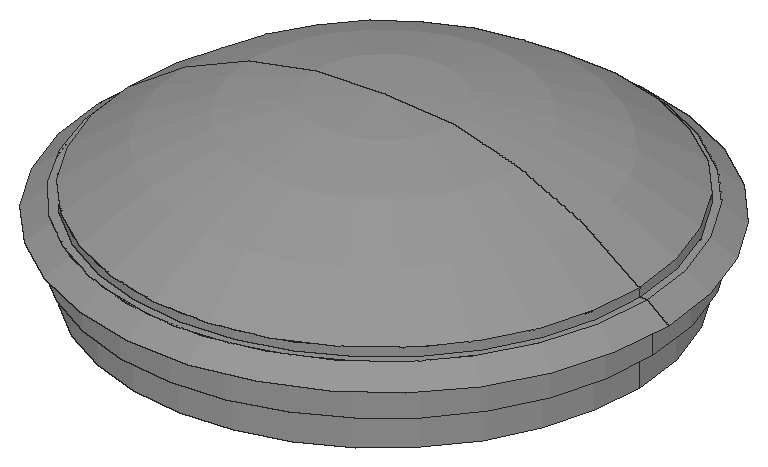
Revit family "3032825 Lighting Fixture_Sylvania_Giotto 335 LED_Recessed Mounted", category Lighting Fixtures, host Face, Revit 2017
Family settings
  Host = Face
  Round Connector Dimension = Use Diameter
  Part Type = Normal
  OmniClass Number = 23.80.70.11.17
  OmniClass Title = Specialized Lighting by Location or Use
  Cut with Voids When Loaded = No
  Light Source = Yes
  Shared = No
  Room Calculation Point = No
Parameters (values of type "Giotto335 rec nw E3")
  Width = 355.0 mm
  Glow Wire Test = 850 °C  # constant formula
  Energy Class = "A++A+A"  # constant formula
  Cutout Diameter = Width - 20.0 mm  # 335.0 mm
  Weight = 1.94 kg
  Wattage = 1.27044 W
  built-in parameter 1150110 = 1 (stored number, unit not read)
  Voltage Comments = "UNV (Universal Voltage; 220-240 Volt)"  # constant formula
  Voltage = 230 V  # constant formula
  URL = "http://www.sylvania-lighting.com"
  built-in parameter 1114217 = 1 (stored number, unit not read)
  Tilt Angle = -90°
  built-in parameter 1150109 = 1 (stored number, unit not read)
  built-in parameter 1150134 = 12
  built-in parameter 1150113 = 1 (stored number, unit not read)
  Product Page URL = "http://www.sylvania-lighting.com/product/en-int/products/3032825"
  Product Family = "GIOTTO LED 335 - RECESSED"  # constant formula
  Photometry Comments = ""
  Photometric Web File = "3032825_GiottoLED33525WRecessedNeutralWhiteE3integral-163998.ies"
  Life = "50 000 h"  # constant formula
  IP Rating = "IP44"  # constant formula
  IK Rating = "IK10"  # constant formula
  Emit from Circle Diameter = Cutout Diameter - 16.0 mm  # 319.0 mm
  Emit Shape Visible in Rendering = no
  Electrical Protection = "CLASS II"  # constant formula
  Drive Current = "700 mA"  # constant formula
  Diffuser Material = Polycarbonate_Sylvania_Giotto_Opal
  Height = 108.0 mm
  built-in parameter 1114216 [instance] = 1 (stored number, unit not read)
  Model = "Giotto335 rec nw E3"
  Manufacturer = "Feilo Sylvania"
  built-in parameter 1150105 = 30.673 (stored number, unit not read)
  Lumens = 101 lm
  built-in parameter 1150115 = 1 (stored number, unit not read)
  built-in parameter 1150137 = (empty or 0)
  built-in parameter 1150139 = (empty or 0)
  built-in parameter 1150112 = 1 (stored number, unit not read)
  built-in parameter 1150114 = 1 (stored number, unit not read)
  Lamp Comments = "Integrated LED"  # constant formula
  Lamp = "22 W"
  built-in parameter 1150132 = 2
  built-in parameter 1150102 = (empty or 0)
  built-in parameter 1150107 = 4000 (stored number, unit not read)
  built-in parameter 1150138 = (empty or 0)
  built-in parameter 1150106 = 0.30673 (stored number, unit not read)
  Body Material = Polycarbonate_Sylvania_Giotto_White
  built-in parameter 1150104 = 7.3858 (stored number, unit not read)
  Dimming Lamp Color Temperature Shift = <None>
  Description = "Surface or recessed mount versions available Ideal for general lighting in public areas Microwave presence detection versions 3 hour emergency light versions with integrated gear Up to 1200lm neutral white"  # constant formula
  Default Elevation = 0.0 mm
  Color Filter = 16777215
  Catalog Number = "3032825 Giotto335 rec nw E3"
  built-in parameter 1140040 [instance] = 1
  built-in parameter 1114218 = 1 (stored number, unit not read)
  built-in parameter 1150133 = 10 (stored number, unit not read)
  Assembly Code = "D5020200"
  Apparent Load Comments = ""
  Apparent Load = 22 VA
Reference planes
  plane 1 "Center (Front/Back)": y = 0
  plane 2: z = 0
  plane 3 "Center (Left/Right)": x = 0
  plane 4 "Fixture Left": x = -167.5
  plane 5 "Fixture Right": x = 167.5
  plane 6 "Fixture Top": z = 67
  plane 7 "Difuser Left": x = -159.5
  plane 8 "Difuser Right": x = 159.5
  plane 9 "Brace Top": z = 0
  plane 10 "Brace Bottom": z = -20
  plane 11: z = -41
  plane 12: x = 177.5
  plane 13: x = -177.5
  plane 14: z = 10
Forms (mm)
  Revolve 1, solid, material "Polycarbonate_Sylvania_Giotto_White" <- "Body Material", detail levels fine
    sketch origin (0, 0, 0) x (1, 0, 0) y (0, 0, 1)
      loop
        line (0, -41) -> (0, 0) -> (-167.5, 0) -> (-167.5, -20) -> (-159.5, -20) -> (-159.5, -41) -> (0, -41)
      axis (0, 0) -> (0, -41)
    angle from 0 to 360
  Revolve 2, solid, material "Polycarbonate_Sylvania_Giotto_Opal" <- "Diffuser Material", detail levels fine
    sketch origin (0, 0, 0) x (1, 0, 0) y (0, 0, 1)
      loop
        line (-159.5, 15) -> (-159.5, 0) -> (0, 0) -> (0, 67)
        arc (0, 67) -> (-84.546, 55.712) -> (-159.5, 15) r 235.082
      axis (0, 67) -> (0, 0)
    angle from 0 to 360
  Revolve 3, solid, material "Polycarbonate_Sylvania_Giotto_White" <- "Body Material", detail levels coarse+medium
    sketch origin (0, 0, 0) x (1, 0, 0) y (0, 0, 1)
      loop
        line (-159.5, 15) -> (-159.5, 10) -> (-164.5, 10) -> (-177.5, 0) -> (-167.5, 0) -> (-167.5, -20) -> (-159.5, -20) -> (-159.5, -41) -> (0, -41) -> (0, 67)
        arc (0, 67) -> (-84.548, 55.717) -> (-159.5, 15) r 235.018
      axis (0, 67) -> (0, -41)
    angle from 0 to 360
  Extrusion 4, void
    sketch origin (0, 0, 59) x (-1, 0, 0) y (0, -1, 0)
      loop
        circle (0, 0) r 167.5
    from -100 to 8
  Revolve 5, solid, material "Polycarbonate_Sylvania_Giotto_White" <- "Body Material", detail levels fine
    sketch origin (0, 0, 0) x (1, 0, 0) y (0, 0, 1)
      loop
        line (-159.5, 10) -> (-164.5, 10) -> (-177.5, 0) -> (-159.5, 0) -> (-159.5, 10)
      axis (0, 10) -> (0, 0)
    angle from 0 to 360
Dimensions and locks
  equal spacing: plane 5 "Fixture Right", plane 3 "Center (Left/Right)", plane 4 "Fixture Left"
  "Cutout Diameter": plane 5 "Fixture Right" to plane 4 "Fixture Left"
  locked: plane 7 "Difuser Left" to plane 4 "Fixture Left" at 8
  locked: plane 5 "Fixture Right" to plane 8 "Difuser Right" at 8
  locked: Revolve 2 sketch curve to plane 9 "Brace Top" at 15
  equal spacing: plane 13, plane 3 "Center (Left/Right)", plane 12
  "Width": plane 12 to plane 13
  locked: plane 9 "Brace Top" to plane 11 at 41
  "Height": plane 6 "Fixture Top" to plane 11
  plane 6 "Fixture Top" to host face = 67.0 mm
  locked: plane 7 "Difuser Left" to Revolve 5 sketch curve at 5
  locked: plane 7 "Difuser Left" to Revolve 3 sketch curve at 5
  locked: Revolve 3 sketch curve to plane 14 at 5
  "Cutout Diameter": diameter of Extrusion 4 sketch curve
  aligned and locked: plane 2 to host face
  aligned and locked: level to host face
  aligned and locked: plane 1 "Center (Front/Back)" to imposter light
  aligned and locked: plane 4 "Fixture Left" to Revolve 1 sketch curve
  aligned and locked: plane 7 "Difuser Left" to Revolve 1 sketch curve
  aligned and locked: plane 10 "Brace Bottom" to Revolve 1 sketch curve
  aligned and locked: Revolve 1 sketch curve to plane 9 "Brace Top"
  aligned and locked: Revolve 1 sketch curve to plane 3 "Center (Left/Right)"  (x2)
  aligned and locked: Revolve 2 sketch curve to plane 7 "Difuser Left"
  aligned and locked: Revolve 2 sketch curve to plane 9 "Brace Top"
  aligned and locked: Revolve 2 sketch curve to plane 3 "Center (Left/Right)"  (x2)
  aligned and locked: plane 6 "Fixture Top" to Revolve 2 sketch curve
  aligned and locked: Revolve 3 sketch curve to plane 7 "Difuser Left"  (x2)
  aligned and locked: Revolve 3 sketch curve to plane 4 "Fixture Left"
  aligned and locked: Revolve 3 sketch curve to plane 10 "Brace Bottom"
  aligned and locked: Revolve 3 sketch curve to plane 3 "Center (Left/Right)"
  aligned and locked: plane 3 "Center (Left/Right)" to imposter light
  aligned and locked: imposter light to plane 6 "Fixture Top"
  aligned and locked: Revolve 3 sketch curve to plane 11
  aligned and locked: plane 11 to Revolve 1 sketch curve
  aligned and locked: imposter light to Extrusion 4
  aligned and locked: Extrusion 4 to Revolve 1
  aligned and locked: plane 7 "Difuser Left" to Revolve 5 sketch curve
  aligned and locked: Revolve 5 sketch curve to plane 9 "Brace Top"
  aligned and locked: Revolve 5 sketch curve to imposter light
  aligned and locked: Revolve 3 sketch curve to plane 2
  aligned and locked: level to plane 9 "Brace Top"
  aligned and locked: Revolve 5 sketch curve to plane 14
  aligned and locked: plane 13 to Revolve 5 sketch curve
  aligned and locked: Revolve 3 sketch curve to plane 14
Automatic sketch dimensions
  host sketch curve to host sketch curve = 1305.563 mm
  host sketch curve to host sketch curve = 1283.632 mm
  Revolve 1 sketch curve to level = 61.8 mm
  Revolve 1 sketch curve to plane 6 "Fixture Top" = 6.8 mm
  Revolve 5 sketch curve to plane 11 = 65.424 mm
  plane 6 "Fixture Top" to Revolve 5 sketch curve = 61.576 mm
  Revolve 2 sketch curve to plane 3 "Center (Left/Right)" = 11.68 mm
  plane 10 "Brace Bottom" to Revolve 2 sketch curve = 9.973 mm
  Revolve 2 sketch curve to Revolve 2 sketch curve = 84.973 mm
  plane 13 to Revolve 3 sketch curve = 0.0 mm
  Revolve 3 sketch curve to plane 3 "Center (Left/Right)" = 0.0 mm
  Revolve 3 sketch curve to plane 6 "Fixture Top" = 0.0 mm
  Revolve 3 sketch curve to plane 3 "Center (Left/Right)" = 11.701 mm
  Revolve 3 sketch curve to plane 11 = 45.065 mm
  Revolve 3 sketch curve to Revolve 3 sketch curve = 81.6 mm
  plane 1 "Center (Front/Back)" to Extrusion 4 sketch curve = 0.0 mm
  Extrusion 4 sketch curve to plane 3 "Center (Left/Right)" = 0.0 mm
Connectors
  electrical at (0, 0, -41), driven by "Voltage", driven by "Apparent Load"
    settings: on Revolve 1, index 1, voltage 230 V, apparent load 0 VA, apparent load phase1 22 VA, apparent load phase2 0 VA, apparent load phase3 0 VA, power factor 1, load classification "Lighting", number of poles 1, system type 31, power factor state 1, is connector primary yes, connector utility no, sub classification motor no, connector description ""
